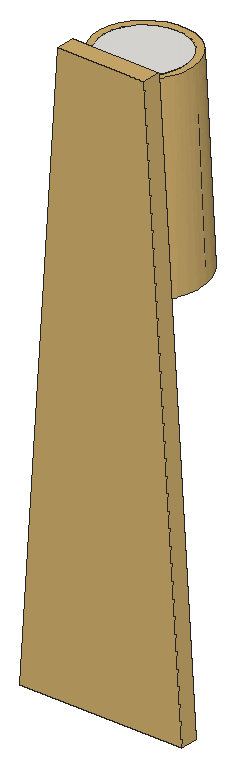
Revit family "3-402-xx - Favero Wall Sconce", category Luminarias, Revit 2021
Family settings
  Anfitrión = Muro
  Cota de conector redondo = Diámetro de uso
  Tipo de pieza = Normal
  Número OmniClass = 23.80.70.00
  Título OmniClass = Lighting
  Siempre vertical = Sí
  Corte con vacíos al cargar = No
  Origen de luz = Sí
  Compartido = No
  Punto de cálculo de habitación = No
Parameters (values of type "3-402-40 / Aged Brass - Matte White Acrylic")
  Wood = Wood
  Elevación por defecto = 0 mm
  Comentarios de vataje = "1 x 6.88 W at 120 V"  # constant formula
  Wattage = 6.88 W
  built-in parameter 1150110 = 1 (stored number, unit not read)
  Voltage Input = "120 V or 277 V - 50/60 Hz"  # constant formula
  Voltage = 120 V
  URL = "www.oxygenlighting.com"
  built-in parameter 1114217 = 1 (stored number, unit not read)
  Tilt Angle = -90.00°
  built-in parameter 1150109 = 1 (stored number, unit not read)
  built-in parameter 1150134 = (empty or 0)
  built-in parameter 1150113 = 1 (stored number, unit not read)
  References = "Ref. 3 = 120 V / Ref. 37 = 277 V"  # constant formula
  Archivo de red fotométrica = "Favero 3-402-xx.ies"
  Modelo = "3-402-xx / Favero Wall Sconce"  # constant formula
  Metal Finish = 40 - Aged Brass
  Fabricante = "Oxygen Lighting and Fans"  # constant formula
  Lumens = 201.584 lm
  built-in parameter 1150115 = 1 (stored number, unit not read)
  built-in parameter 1150105 = 16.042 (stored number, unit not read)
  built-in parameter 1150137 = (empty or 0)
  built-in parameter 1150139 = (empty or 0)
  built-in parameter 1150112 = 1 (stored number, unit not read)
  built-in parameter 1150114 = 1 (stored number, unit not read)
  Lámpara = "LED Array"  # constant formula
  built-in parameter 1150132 = (empty or 0)
  built-in parameter 1150102 = (empty or 0)
  built-in parameter 1150138 = (empty or 0)
  built-in parameter 1150107 = 3000 (stored number, unit not read)
  built-in parameter 1150106 = 0.16042 (stored number, unit not read)
  built-in parameter 1150104 = 2.7221 (stored number, unit not read)
  Dimming Lamp Color Temperature Shift = (empty or 0)
  Diffusers = Matte White Acrylic
  Color Filter = 16777215
  built-in parameter 1114218 = 1 (stored number, unit not read)
  built-in parameter 1150133 = 10 (stored number, unit not read)
Types (2, lengths in mm): name | Metal Finish
  3-402-24 / Satin Nickel - Matte White Acrylic | 24 - Satin Nickel
  3-402-40 / Aged Brass - Matte White Acrylic | 40 - Aged Brass
Reference planes
  plane 1: y = 0
  plane 2 "Light Source Axis (L/R)": x = 125
  plane 3 "Light Source Axis (F/R)": y = 115
  plane 4 "Light Source Elevation": z = 1160
  plane 5: y = 75
Text (mm)
  text "Placement side" at (-1787.139, 1116.779, 0), in view "Ref. Level"
  text "Placement side" at (0, 2110.396, 2986.058), in view "Left"
  text "Placement side" at (0, 628.478, 3011.967), in view "Right"
Dimensions and locks
  locked: plane 3 "Light Source Axis (F/R)" to plane 5 at 40
  locked: nested 1 to plane 4 "Light Source Elevation" at 71.87
  aligned and locked: plane 1 to host wall
  aligned and locked: plane 4 "Light Source Elevation" to imposter light
  aligned and locked: plane 5 to host wall
  aligned and locked: plane 2 "Light Source Axis (L/R)" to nested 1
  aligned and locked: nested 1 to plane 5
  aligned and locked: plane 3 "Light Source Axis (F/R)" to imposter light
  aligned and locked: plane 2 "Light Source Axis (L/R)" to imposter light
Nested families
  nested 1: "Family1" at (125, 75, 1025), type "Family1"
Connectors
  electrical at (125, 75, 1025.504), driven by "Voltage"
    settings: on nested 1, index 1, voltage 120 V, apparent load 0 VA, apparent load phase1 0 VA, apparent load phase2 0 VA, apparent load phase3 0 VA, power factor 1, load classification "Other", number of poles 1, system type 31, power factor state 1, is connector primary yes, connector utility no, sub classification motor no, connector description ""
Definition of nested family "Family1"
  Parameters
    Wood = none
    Metal Finish = none
    Default Elevation = 0 mm
    Diffuser = none
  Reference planes
    plane 1 "Center (Front/Back)": y = 0
    plane 2: z = 0
    plane 3 "Center (Left/Right)": x = 0
  Forms (mm)
    Extrusion 1, solid, material <- "Metal Finish"
      sketch origin (0, 0, 0) x (1, 0, 0) y (0, 0, 1)
        loop
          line (30.742, 210.029) -> (-30.742, 210.029) -> (-57.891, -209.021) -> (57.891, -209.021) -> (30.742, 210.029)
      from -13.103 to 0
    Extrusion 2, solid, material <- "Wood"
      sketch origin (0, 0, 0) x (1, 0, 0) y (0, 0, 1)
        loop
          line (-23.6, 202.409) -> (-49.827, -202.409) -> (49.827, -202.409) -> (23.6, 202.409) -> (-23.6, 202.409)
      from -16.127 to -13.103
    Blend 3, solid, material <- "Metal Finish"
      base sketch origin (0, 0, 0) x (1, 0, 0) y (0, 1, 0)
        loop
          arc (32.349, 16.127) -> (0, 78.879) -> (-32.349, 16.127) r 39.714
          line (-32.349, 16.127) -> (-27.29, 16.127)
          arc (-27.29, 16.127) -> (0, 73.042) -> (27.29, 16.127) r 35
          line (27.29, 16.127) -> (32.349, 16.127)
      top sketch origin (0, 0, 0) x (1, 0, 0) y (0, 1, 0)
        loop
          arc (24.133, 16.127) -> (0, 73.075) -> (-24.133, 16.127) r 33.588
          line (-24.133, 16.127) -> (-18.158, 16.127)
          arc (-18.158, 16.127) -> (0, 67.739) -> (18.158, 16.127) r 29
          line (18.158, 16.127) -> (24.133, 16.127)
      from 63.13 to 202.409
    Blend 4, solid, material <- "Diffuser"
      base sketch origin (0, 0, 0) x (1, 0, 0) y (0, 1, 0)
        loop
          line (-18.158, 16.127) -> (18.158, 16.127)
          arc (18.158, 16.127) -> (0, 67.739) -> (-18.158, 16.127) r 29
      top sketch origin (0, 0, 0) x (1, 0, 0) y (0, 1, 0)
        loop
          line (-27.29, 16.127) -> (27.29, 16.127)
          arc (27.29, 16.127) -> (0, 73.042) -> (-27.29, 16.127) r 35
      from 202.409 to 64.138
  Dimensions and locks
    aligned and locked: level to plane 2
